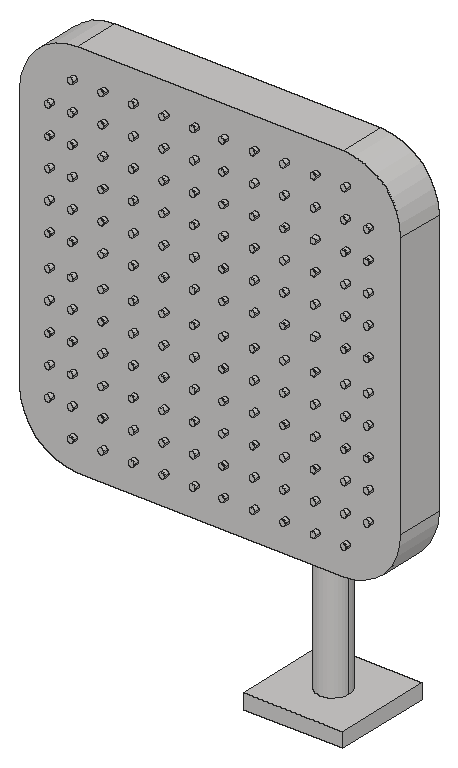
Revit family "Grohe_ShowerHead_266872430", category Plumbing Fixtures, host Face, Revit 2020
Family settings
  Host = Face
  Round Connector Dimension = Use Diameter
  Part Type = Normal
  OmniClass Number = 23.45.05.00
  OmniClass Title = Sanitary Equipment
  Cut with Voids When Loaded = No
  Shared = No
  Room Calculation Point = No
Parameters (values of type "Shower Head (266872430)")
  _ObjectUserGuide = "https://www.bimstore.co/products/grohe-266872430/document/object-user-guide"
  _DistributedBy = "https://www.bimstore.co/"
  _CurrentRevision = 1
  _CreatedBy = "https://www.bimstore.co/"
  _BimSpecGuid = 0
  _BSBibleVersion = 17
  _AuthorizedBy = "bimstore"
  _Author = "RL 171"
  WarrantyStartDate [instance] = "Please Record on Commissioning"
  WarrantyGuarantorParts = "info-uk@grohe.com"
  WarrantyGuarantorLabor = "info-uk@grohe.com"
  WarrantyDurationUnit = "Years"
  WarrantyDurationParts = "0"
  WarrantyDurationLabor = "0"
  WarrantyDescription = "n/a"
  URL = "https://www.grohe.co.uk/en_gb/-266872430.html"
  TypeName = "Shower Head"
  Type Comments = "Shower Head"
  TPIDocumentLink = "https://cdn.cloud.grohe.com/tpi/2000/2200/2210/2210/2210362/original/2210362.pdf"
  SustainabilityReport = "green.grohe.com/reporting"
  SustainabilityAward = "green.grohe.com/awards"
  SpareParts = "info-uk@grohe.com"
  Size = "n/a"
  Shape = "n/a"
  SerialNumber [instance] = "Please Record on Commissioning"
  ReplacementCost = "n/a"
  ReferencedStandard = "n/a"
  ProductionYear = "2023"
  ProductType = "Shower Set"
  ProductShortText = "Head shower set 380 mm, 1 spray"
  ProductNumber = "266872430"
  ProductDescription = "consisting of:\r\n\r\nhead shower Tempesta 250 Cube\r\n\r\n1 spray pattern: Rain\r\n\r\nshower arm 380 mm\r\n\r\nwith square escutcheon\r\n\r\nGROHE Water Saving 9.5 l/min flow limiter\r\n\r\nGROHE DreamSpray perfect spray pattern\r\n\r\nGROHE Long-Life finish\r\n\r\nSpeedClean anti-limescale system\r\n\r\nInner WaterGuide for a longer life\r\n\r\nsuitable for instantaneous heater\r\n\r\nprofessional exclusive"
  PrimaryMaterial = Grohe_Chrome
  PQDiagramLink = "https://cdn.cloud.grohe.com/PQCharts/lores/2/266/original/266872430-pqchart-en_GB.svg"
  NominalLength = 0 mm
  NominalHeight = 0 mm
  NominalDepth = 0 mm
  NBSReference = "45-35-70/305"
  NBSOfficeMasterTag = "n/a"
  NBSObjectName = "Grohe - Shower fittings package"
  NBSNote = "n/a"
  NBSDescription = "Shower fittings package"
  ModelReference = "Shower Head"
  ModelNumber = "266872430"
  Model = "Shower Head"
  Material = "n/a"
  ManufacturerName = "Grohe"
  Manufacturer = "Grohe"
  Keynote = "N16"
  InstallationVideo = "n/a"
  InstallationDate [instance] = "Please Record on Commissioning"
  IfcExportType = "IfcPipeFittingType"
  IfcExportAs = "IfcPipeFitting"
  Grade = "n/a"
  GROHESustainability = "green.grohe.com"
  GROHESocialCommittment = "green.grohe.com/social_engagement"
  FullRecyclabilityOfPlastic = "All plastic components are fully recycable"
  Finish = "Chrome"
  Features = "n/a"
  ExpectedLife = 0
  Ecojoy = no
  DurationUnit = "Years"
  DocumentationTechnical = "https://www.bimstore.co/products/grohe-266872430/document/technical-data-sheet"
  DocumentationMaintenance = "https://www.bimstore.co/products/grohe-266872430/document/maintenance-information"
  DocumentationLiterature = "https://www.bimstore.co/products/grohe-266872430/document/product-literature"
  DocumentationInstallationGuide = "https://www.bimstore.co/products/grohe-266872430/document/installation-guide"
  DocumentationCertificates = "https://www.bimstore.co/products/grohe-266872430/document/product-certificates"
  DimensionsDocumentLink = "https://cdn.cloud.grohe.com/dimdraw/100000/100000/100000/100100/100180/100187/100187250/1280/100187250.jpg"
  Description = "Shower Head"
  Default Elevation = 0 mm
  CreatedOn = "2023-12-05T:09:00:00"
  CreatedBy = "info-uk@grohe.com"
  CradleToCradleCertification = "n/a"
  Cost = 0
  Constituents = "n/a"
  Color = "Grohe_Chrome"
  CodePerformance = "n/a"
  ClassificationValue = "Pr_40_20_87_55"
  ClassificationName = "Uniclass2015"
  CO2NeutralProduction = "GROHE is one of the first leading manufacturer within the sanitary industry having a CO2-neutral production."
  BarCode [instance] = "Please Record on Commissioning"
  BIMObjectName = "Grohe_ShowerHead_266872430"
  AssetType = "Fixed"
  AssetIdentifier [instance] = "n/a"
  Assembly Code = "D2013"
  AccessibilityPerformance = "n/a"
Reference planes
  plane 1 "Center (Front/Back)": y = 0
  plane 2: z = 0
  plane 3 "Center (Left/Right)": x = 0
Forms (mm)
  Extrusion 1, solid, material "Grohe_Chrome" <- "PrimaryMaterial"
    sketch origin (0, 0, 0) x (1, 0, 0) y (0, 1, 0)
      loop
        line (32.5, 32.5) -> (-32.501, 32.5) -> (-32.501, -32.5) -> (32.5, -32.5) -> (32.5, 32.5)
    from 0 to 9.928
  Revolve 2, solid, material "Grohe_Chrome" <- "PrimaryMaterial"
    sketch origin (0, 91.416, 275.025) x (0, 0, 1) y (0, -1, 0)
      loop
        line (0, 136.471) -> (13.22, 136.471) -> (13.22, 142.5) -> (19.095, 142.5)
        arc (19.095, 142.5) -> (20.226, 142.808) -> (21.043, 143.647) r 2.227
        line (21.043, 143.647) -> (30.787, 161.225) -> (0, 161.225) -> (0, 136.471)
      axis (0, 161.225) -> (0, 136.471)
    angle from 0 to 360
  Extrusion 3, solid, material "Grohe_Chrome" <- "PrimaryMaterial"
    sketch origin (0, 91.416, 275.025) x (1, 0, 0) y (0, 0, 1)
      loop
        arc (-87.032, 125.027) -> (-113.902, 113.897) -> (-125.032, 87.027) r 38
        line (-125.032, 87.027) -> (-125.032, -87.027)
        arc (-125.032, -87.027) -> (-113.902, -113.897) -> (-87.032, -125.027) r 38
        line (-87.032, -125.027) -> (87.032, -125.027)
        arc (87.032, -125.027) -> (113.902, -113.897) -> (125.032, -87.027) r 38
        line (125.032, -87.027) -> (125.032, 87.027)
        arc (125.032, 87.027) -> (113.902, 113.897) -> (87.032, 125.027) r 38
        line (87.032, 125.027) -> (-87.032, 125.027)
    from 161.225 to 191.726
  Extrusion 4, solid, material "Grohe_Chrome" <- "PrimaryMaterial"
    sketch origin (0, 91.416, 275.025) x (1, 0, 0) y (0, 0, 1)
      loop
        circle (-9.596, 105.388) r 1.86
      loop
        circle (-29.596, 105.388) r 1.86
      loop
        circle (-49.596, 105.388) r 1.86
      loop
        circle (-69.596, 105.388) r 1.86
      loop
        circle (-89.596, 105.388) r 1.86
      loop
        circle (-9.596, 86.388) r 1.86
      loop
        circle (-29.596, 86.388) r 1.86
      loop
        circle (-49.596, 86.388) r 1.86
      loop
        circle (-69.596, 86.388) r 1.86
      loop
        circle (-89.596, 86.388) r 1.86
      loop
        circle (-9.596, 67.388) r 1.86
      loop
        circle (-29.596, 67.388) r 1.86
      loop
        circle (-49.596, 67.388) r 1.86
      loop
        circle (-69.596, 67.388) r 1.86
      loop
        circle (-89.596, 67.388) r 1.86
      loop
        circle (-9.596, 48.388) r 1.86
      loop
        circle (-29.596, 48.388) r 1.86
      loop
        circle (-49.596, 48.388) r 1.86
      loop
        circle (-69.596, 48.388) r 1.86
      loop
        circle (-89.596, 48.388) r 1.86
      loop
        circle (-9.596, 29.388) r 1.86
      loop
        circle (-29.596, 29.388) r 1.86
      loop
        circle (-49.596, 29.388) r 1.86
      loop
        circle (-69.596, 29.388) r 1.86
      loop
        circle (-89.596, 29.388) r 1.86
      loop
        circle (-9.596, 10.388) r 1.86
      loop
        circle (-29.596, 10.388) r 1.86
      loop
        circle (-49.596, 10.388) r 1.86
      loop
        circle (-69.596, 10.388) r 1.86
      loop
        circle (-89.596, 10.388) r 1.86
      loop
        circle (-104.596, 86.388) r 1.86
      loop
        circle (-104.596, 67.388) r 1.86
      loop
        circle (-104.596, 48.388) r 1.86
      loop
        circle (-104.596, 29.388) r 1.86
      loop
        circle (-104.596, 10.388) r 1.86
      loop
        circle (9.596, 105.388) r 1.86
      loop
        circle (29.596, 105.388) r 1.86
      loop
        circle (49.596, 105.388) r 1.86
      loop
        circle (69.596, 105.388) r 1.86
      loop
        circle (89.596, 105.388) r 1.86
      loop
        circle (9.596, 86.388) r 1.86
      loop
        circle (29.596, 86.388) r 1.86
      loop
        circle (49.596, 86.388) r 1.86
      loop
        circle (69.596, 86.388) r 1.86
      loop
        circle (89.596, 86.388) r 1.86
      loop
        circle (9.596, 67.388) r 1.86
      loop
        circle (29.596, 67.388) r 1.86
      loop
        circle (49.596, 67.388) r 1.86
      loop
        circle (69.596, 67.388) r 1.86
      loop
        circle (89.596, 67.388) r 1.86
      loop
        circle (9.596, 48.388) r 1.86
      loop
        circle (29.596, 48.388) r 1.86
      loop
        circle (49.596, 48.388) r 1.86
      loop
        circle (69.596, 48.388) r 1.86
      loop
        circle (89.596, 48.388) r 1.86
      loop
        circle (9.596, 29.388) r 1.86
      loop
        circle (29.596, 29.388) r 1.86
      loop
        circle (49.596, 29.388) r 1.86
      loop
        circle (69.596, 29.388) r 1.86
      loop
        circle (89.596, 29.388) r 1.86
      loop
        circle (9.596, 10.388) r 1.86
      loop
        circle (29.596, 10.388) r 1.86
      loop
        circle (49.596, 10.388) r 1.86
      loop
        circle (69.596, 10.388) r 1.86
      loop
        circle (89.596, 10.388) r 1.86
      loop
        circle (104.596, 86.388) r 1.86
      loop
        circle (104.596, 67.388) r 1.86
      loop
        circle (104.596, 48.388) r 1.86
      loop
        circle (104.596, 29.388) r 1.86
      loop
        circle (104.596, 10.388) r 1.86
      loop
        circle (-9.596, -105.388) r 1.86
      loop
        circle (-29.596, -105.388) r 1.86
      loop
        circle (-49.596, -105.388) r 1.86
      loop
        circle (-69.596, -105.388) r 1.86
      loop
        circle (-89.596, -105.388) r 1.86
      loop
        circle (-9.596, -86.388) r 1.86
      loop
        circle (-29.596, -86.388) r 1.86
      loop
        circle (-49.596, -86.388) r 1.86
      loop
        circle (-69.596, -86.388) r 1.86
      loop
        circle (-89.596, -86.388) r 1.86
      loop
        circle (-9.596, -67.388) r 1.86
      loop
        circle (-29.596, -67.388) r 1.86
      loop
        circle (-49.596, -67.388) r 1.86
      loop
        circle (-69.596, -67.388) r 1.86
      loop
        circle (-89.596, -67.388) r 1.86
      loop
        circle (-9.596, -48.388) r 1.86
      loop
        circle (-29.596, -48.388) r 1.86
      loop
        circle (-49.596, -48.388) r 1.86
      loop
        circle (-69.596, -48.388) r 1.86
      loop
        circle (-89.596, -48.388) r 1.86
      loop
        circle (-9.596, -29.388) r 1.86
      loop
        circle (-29.596, -29.388) r 1.86
      loop
        circle (-49.596, -29.388) r 1.86
      loop
        circle (-69.596, -29.388) r 1.86
      loop
        circle (-89.596, -29.388) r 1.86
      loop
        circle (-9.596, -10.388) r 1.86
      loop
        circle (-29.596, -10.388) r 1.86
      loop
        circle (-49.596, -10.388) r 1.86
      loop
        circle (-69.596, -10.388) r 1.86
      loop
        circle (-89.596, -10.388) r 1.86
      loop
        circle (-104.596, -86.388) r 1.86
      loop
        circle (-104.596, -67.388) r 1.86
      loop
        circle (-104.596, -48.388) r 1.86
      loop
        circle (-104.596, -29.388) r 1.86
      loop
        circle (-104.596, -10.388) r 1.86
      loop
        circle (9.596, -105.388) r 1.86
      loop
        circle (29.596, -105.388) r 1.86
      loop
        circle (49.596, -105.388) r 1.86
      loop
        circle (69.596, -105.388) r 1.86
      loop
        circle (89.596, -105.388) r 1.86
      loop
        circle (9.596, -86.388) r 1.86
      loop
        circle (29.596, -86.388) r 1.86
      loop
        circle (49.596, -86.388) r 1.86
      loop
        circle (69.596, -86.388) r 1.86
      loop
        circle (89.596, -86.388) r 1.86
      loop
        circle (9.596, -67.388) r 1.86
      loop
        circle (29.596, -67.388) r 1.86
      loop
        circle (49.596, -67.388) r 1.86
      loop
        circle (69.596, -67.388) r 1.86
      loop
        circle (89.596, -67.388) r 1.86
      loop
        circle (9.596, -48.388) r 1.86
      loop
        circle (29.596, -48.388) r 1.86
      loop
        circle (49.596, -48.388) r 1.86
      loop
        circle (69.596, -48.388) r 1.86
      loop
        circle (89.596, -48.388) r 1.86
      loop
        circle (9.596, -29.388) r 1.86
      loop
        circle (29.596, -29.388) r 1.86
      loop
        circle (49.596, -29.388) r 1.86
      loop
        circle (69.596, -29.388) r 1.86
      loop
        circle (89.596, -29.388) r 1.86
      loop
        circle (9.596, -10.388) r 1.86
      loop
        circle (29.596, -10.388) r 1.86
      loop
        circle (49.596, -10.388) r 1.86
      loop
        circle (69.596, -10.388) r 1.86
      loop
        circle (89.596, -10.388) r 1.86
      loop
        circle (104.596, -86.388) r 1.86
      loop
        circle (104.596, -67.388) r 1.86
      loop
        circle (104.596, -48.388) r 1.86
      loop
        circle (104.596, -29.388) r 1.86
      loop
        circle (104.596, -10.388) r 1.86
    from 191.726 to 194.678
  Sweep 5, solid, material "Grohe_Chrome" <- "PrimaryMaterial"
    path origin (0, 0, 0) x (0, 1, 0) y (0, 0, 1)
      loop
        line (-51.084, 274.995) -> (-40, 274.995)
        arc (-40, 274.995) -> (-11.716, 263.28) -> (0, 234.995) r 40
        line (0, 234.995) -> (0, 9.928)
    profile origin (0, 0, 122.462) x (1, 0, 0) y (0, 1, 0)
      loop
        circle (0, 0) r 10.5
Dimensions and locks
  aligned and locked: plane 2 to host face
  aligned and locked: level to host face
